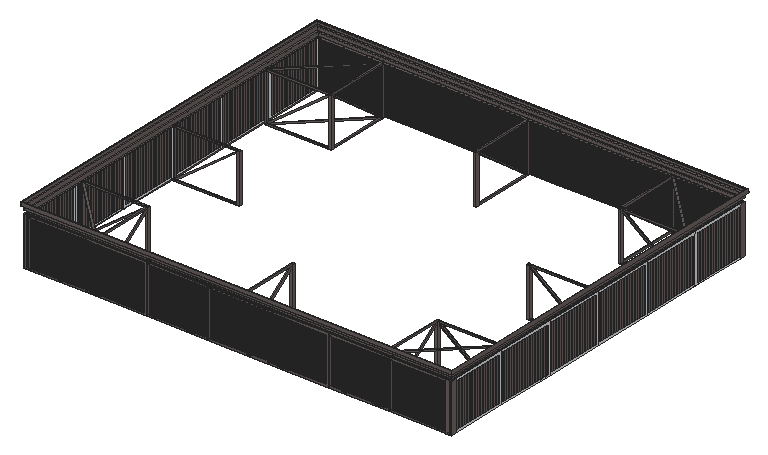
Revit family "Rooftop_Screen-CityScapes-Envisor", category Specialty Equipment, Revit 2021 (continued)
Definition of nested family "Panel"
  Nested families (in)
    nested 60: "LOUVER HORIZONTAL" at (0.625, 0, 17.25) x (-1, 0, 0) z (0, 0, 1), Profile_Height <- "Panel_Length", visible <- "LOUVRE VIZ", type "LOUVER HORIZONTAL"
      with Profile_RibWidth 0' - 0 1/4", Profile_Height 3' - 9", GAUGE 0' - 0 1/32"
    nested 61: "LOUVER HORIZONTAL" at (0.625, 0, 18) x (-1, 0, 0) z (0, 0, 1), Profile_Height <- "Panel_Length", visible <- "LOUVRE VIZ", type "LOUVER HORIZONTAL"
      with Profile_RibWidth 0' - 0 1/4", Profile_Height 3' - 9", GAUGE 0' - 0 1/32"
    nested 62: "LOUVER HORIZONTAL" at (0.625, 0, 18.75) x (-1, 0, 0) z (0, 0, 1), Profile_Height <- "Panel_Length", visible <- "LOUVRE VIZ", type "LOUVER HORIZONTAL"
      with Profile_RibWidth 0' - 0 1/4", Profile_Height 3' - 9", GAUGE 0' - 0 1/32"
    nested 63: "LOUVER HORIZONTAL" at (0.625, 0, 19.5) x (-1, 0, 0) z (0, 0, 1), Profile_Height <- "Panel_Length", visible <- "LOUVRE VIZ", type "LOUVER HORIZONTAL"
      with Profile_RibWidth 0' - 0 1/4", Profile_Height 3' - 9", GAUGE 0' - 0 1/32"
    nested 64: "LOUVER HORIZONTAL" at (0.625, 0, 20.25) x (-1, 0, 0) z (0, 0, 1), Profile_Height <- "Panel_Length", visible <- "LOUVRE VIZ", type "LOUVER HORIZONTAL"
      with Profile_RibWidth 0' - 0 1/4", Profile_Height 3' - 9", GAUGE 0' - 0 1/32"
    nested 65: "LOUVER HORIZONTAL" at (0.625, 0, 21) x (-1, 0, 0) z (0, 0, 1), Profile_Height <- "Panel_Length", visible <- "LOUVRE VIZ", type "LOUVER HORIZONTAL"
      with Profile_RibWidth 0' - 0 1/4", Profile_Height 3' - 9", GAUGE 0' - 0 1/32"
    nested 66: "LOUVER HORIZONTAL" at (0.625, 0, 21.75) x (-1, 0, 0) z (0, 0, 1), Profile_Height <- "Panel_Length", visible <- "LOUVRE VIZ", type "LOUVER HORIZONTAL"
      with Profile_RibWidth 0' - 0 1/4", Profile_Height 3' - 9", GAUGE 0' - 0 1/32"
    nested 67: "LOUVER HORIZONTAL" at (0.625, 0, 22.5) x (-1, 0, 0) z (0, 0, 1), Profile_Height <- "Panel_Length", visible <- "LOUVRE VIZ", type "LOUVER HORIZONTAL"
      with Profile_RibWidth 0' - 0 1/4", Profile_Height 3' - 9", GAUGE 0' - 0 1/32"
    nested 68: "LOUVER HORIZONTAL" at (0.625, 0, 23.25) x (-1, 0, 0) z (0, 0, 1), Profile_Height <- "Panel_Length", visible <- "LOUVRE VIZ", type "LOUVER HORIZONTAL"
      with Profile_RibWidth 0' - 0 1/4", Profile_Height 3' - 9", GAUGE 0' - 0 1/32"
    nested 69: "LOUVER HORIZONTAL" at (0.625, 0, 24) x (-1, 0, 0) z (0, 0, 1), Profile_Height <- "Panel_Length", visible <- "LOUVRE VIZ", type "LOUVER HORIZONTAL"
      with Profile_RibWidth 0' - 0 1/4", Profile_Height 3' - 9", GAUGE 0' - 0 1/32"
    nested 70: "LOUVER HORIZONTAL" at (0.625, 0, 24.75) x (-1, 0, 0) z (0, 0, 1), Profile_Height <- "Panel_Length", visible <- "LOUVRE VIZ", type "LOUVER HORIZONTAL"
      with Profile_RibWidth 0' - 0 1/4", Profile_Height 3' - 9", GAUGE 0' - 0 1/32"
    nested 71: "LOUVER HORIZONTAL" at (0.625, 0, 25.5) x (-1, 0, 0) z (0, 0, 1), Profile_Height <- "Panel_Length", visible <- "LOUVRE VIZ", type "LOUVER HORIZONTAL"
      with Profile_RibWidth 0' - 0 1/4", Profile_Height 3' - 9", GAUGE 0' - 0 1/32"
    nested 72: "LOUVER HORIZONTAL" at (0.625, 0, 26.25) x (-1, 0, 0) z (0, 0, 1), Profile_Height <- "Panel_Length", visible <- "LOUVRE VIZ", type "LOUVER HORIZONTAL"
      with Profile_RibWidth 0' - 0 1/4", Profile_Height 3' - 9", GAUGE 0' - 0 1/32"
    nested 73: "LOUVER HORIZONTAL" at (0.625, 0, 27) x (-1, 0, 0) z (0, 0, 1), Profile_Height <- "Panel_Length", visible <- "LOUVRE VIZ", type "LOUVER HORIZONTAL"
      with Profile_RibWidth 0' - 0 1/4", Profile_Height 3' - 9", GAUGE 0' - 0 1/32"
    nested 74: "LOUVER HORIZONTAL" at (0.625, 0, 27.75) x (-1, 0, 0) z (0, 0, 1), Profile_Height <- "Panel_Length", visible <- "LOUVRE VIZ", type "LOUVER HORIZONTAL"
      with Profile_RibWidth 0' - 0 1/4", Profile_Height 3' - 9", GAUGE 0' - 0 1/32"
    nested 75: "LOUVER HORIZONTAL" at (0.625, 0, 28.5) x (-1, 0, 0) z (0, 0, 1), Profile_Height <- "Panel_Length", visible <- "LOUVRE VIZ", type "LOUVER HORIZONTAL"
      with Profile_RibWidth 0' - 0 1/4", Profile_Height 3' - 9", GAUGE 0' - 0 1/32"
    nested 76: "LOUVER HORIZONTAL" at (0.625, 0, 29.25) x (-1, 0, 0) z (0, 0, 1), Profile_Height <- "Panel_Length", visible <- "LOUVRE VIZ", type "LOUVER HORIZONTAL"
      with Profile_RibWidth 0' - 0 1/4", Profile_Height 3' - 9", GAUGE 0' - 0 1/32"
    nested 77: "LOUVER HORIZONTAL" at (0.625, 0, 30) x (-1, 0, 0) z (0, 0, 1), Profile_Height <- "Panel_Length", visible <- "LOUVRE VIZ", type "LOUVER HORIZONTAL"
      with Profile_RibWidth 0' - 0 1/4", Profile_Height 3' - 9", GAUGE 0' - 0 1/32"
    nested 78: "LOUVER HORIZONTAL" at (0.625, 0, 30.75) x (-1, 0, 0) z (0, 0, 1), Profile_Height <- "Panel_Length", visible <- "LOUVRE VIZ", type "LOUVER HORIZONTAL"
      with Profile_RibWidth 0' - 0 1/4", Profile_Height 3' - 9", GAUGE 0' - 0 1/32"
    nested 79: "LOUVER HORIZONTAL" at (0.625, 0, 31.5) x (-1, 0, 0) z (0, 0, 1), Profile_Height <- "Panel_Length", visible <- "LOUVRE VIZ", type "LOUVER HORIZONTAL"
      with Profile_RibWidth 0' - 0 1/4", Profile_Height 3' - 9", GAUGE 0' - 0 1/32"
    nested 80: "LOUVER HORIZONTAL" at (0.625, 0, 32.25) x (-1, 0, 0) z (0, 0, 1), Profile_Height <- "Panel_Length", visible <- "LOUVRE VIZ", type "LOUVER HORIZONTAL"
      with Profile_RibWidth 0' - 0 1/4", Profile_Height 3' - 9", GAUGE 0' - 0 1/32"
    nested 81: "LOUVER HORIZONTAL" at (0.625, 0, 33) x (-1, 0, 0) z (0, 0, 1), Profile_Height <- "Panel_Length", visible <- "LOUVRE VIZ", type "LOUVER HORIZONTAL"
      with Profile_RibWidth 0' - 0 1/4", Profile_Height 3' - 9", GAUGE 0' - 0 1/32"
    nested 82: "LOUVER HORIZONTAL" at (0.625, 0, 33.75) x (-1, 0, 0) z (0, 0, 1), Profile_Height <- "Panel_Length", visible <- "LOUVRE VIZ", type "LOUVER HORIZONTAL"
      with Profile_RibWidth 0' - 0 1/4", Profile_Height 3' - 9", GAUGE 0' - 0 1/32"
    nested 83: "LOUVER HORIZONTAL" at (0.625, 0, 34.5) x (-1, 0, 0) z (0, 0, 1), Profile_Height <- "Panel_Length", visible <- "LOUVRE VIZ", type "LOUVER HORIZONTAL"
      with Profile_RibWidth 0' - 0 1/4", Profile_Height 3' - 9", GAUGE 0' - 0 1/32"
    nested 84: "LOUVER HORIZONTAL" at (0.625, 0, 35.25) x (-1, 0, 0) z (0, 0, 1), Profile_Height <- "Panel_Length", visible <- "LOUVRE VIZ", type "LOUVER HORIZONTAL"
      with Profile_RibWidth 0' - 0 1/4", Profile_Height 3' - 9", GAUGE 0' - 0 1/32"
    nested 85: "LOUVER HORIZONTAL" at (0.625, 0, 36) x (-1, 0, 0) z (0, 0, 1), Profile_Height <- "Panel_Length", visible <- "LOUVRE VIZ", type "LOUVER HORIZONTAL"
      with Profile_RibWidth 0' - 0 1/4", Profile_Height 3' - 9", GAUGE 0' - 0 1/32"
    nested 86: "LOUVER HORIZONTAL" at (0.625, 0, 36.75) x (-1, 0, 0) z (0, 0, 1), Profile_Height <- "Panel_Length", visible <- "LOUVRE VIZ", type "LOUVER HORIZONTAL"
      with Profile_RibWidth 0' - 0 1/4", Profile_Height 3' - 9", GAUGE 0' - 0 1/32"
    nested 87: "LOUVER HORIZONTAL" at (0.625, 0, 37.5) x (-1, 0, 0) z (0, 0, 1), Profile_Height <- "Panel_Length", visible <- "LOUVRE VIZ", type "LOUVER HORIZONTAL"
      with Profile_RibWidth 0' - 0 1/4", Profile_Height 3' - 9", GAUGE 0' - 0 1/32"
    nested 88: "LOUVER HORIZONTAL" at (0.625, 0, 38.25) x (-1, 0, 0) z (0, 0, 1), Profile_Height <- "Panel_Length", visible <- "LOUVRE VIZ", type "LOUVER HORIZONTAL"
      with Profile_RibWidth 0' - 0 1/4", Profile_Height 3' - 9", GAUGE 0' - 0 1/32"
    nested 89: "RIB HORIZONTAL ABS" at (0.625, 0, 43.5) x (-1, 0, 0) z (0, 0, 1), visible <- "RIBBED VIZ", Profile_Height <- "Panel_Length", type "RIB HORIZONTAL ABS"
      with Profile_RibWidth 0' - 1 1/2", Profile_Height 3' - 9", GAUGE 0' - 0 1/32"
    nested 90: "RIB HORIZONTAL ABS" at (0.625, 0, 4.83333) x (-1, 0, 0) z (0, 0, 1), visible <- "RIBBED VIZ", Profile_Height <- "Panel_Length", type "RIB HORIZONTAL ABS"
      with Profile_RibWidth 0' - 1 1/2", Profile_Height 3' - 9", GAUGE 0' - 0 1/32"
    nested 91: "RIB HORIZONTAL ABS" at (0.625, 0, 9.66667) x (-1, 0, 0) z (0, 0, 1), visible <- "RIBBED VIZ", Profile_Height <- "Panel_Length", type "RIB HORIZONTAL ABS"
      with Profile_RibWidth 0' - 1 1/2", Profile_Height 3' - 9", GAUGE 0' - 0 1/32"
    nested 92: "RIB HORIZONTAL ABS" at (0.625, 0, 14.5) x (-1, 0, 0) z (0, 0, 1), visible <- "RIBBED VIZ", Profile_Height <- "Panel_Length", type "RIB HORIZONTAL ABS"
      with Profile_RibWidth 0' - 1 1/2", Profile_Height 3' - 9", GAUGE 0' - 0 1/32"
    nested 93: "RIB HORIZONTAL ABS" at (0.625, 0, 19.33333) x (-1, 0, 0) z (0, 0, 1), visible <- "RIBBED VIZ", Profile_Height <- "Panel_Length", type "RIB HORIZONTAL ABS"
      with Profile_RibWidth 0' - 1 1/2", Profile_Height 3' - 9", GAUGE 0' - 0 1/32"
    nested 94: "RIB HORIZONTAL ABS" at (0.625, 0, 24.16667) x (-1, 0, 0) z (0, 0, 1), visible <- "RIBBED VIZ", Profile_Height <- "Panel_Length", type "RIB HORIZONTAL ABS"
      with Profile_RibWidth 0' - 1 1/2", Profile_Height 3' - 9", GAUGE 0' - 0 1/32"
    nested 95: "RIB HORIZONTAL ABS" at (0.625, 0, 29) x (-1, 0, 0) z (0, 0, 1), visible <- "RIBBED VIZ", Profile_Height <- "Panel_Length", type "RIB HORIZONTAL ABS"
      with Profile_RibWidth 0' - 1 1/2", Profile_Height 3' - 9", GAUGE 0' - 0 1/32"
    nested 96: "RIB HORIZONTAL ABS" at (0.625, 0, 33.83333) x (-1, 0, 0) z (0, 0, 1), visible <- "RIBBED VIZ", Profile_Height <- "Panel_Length", type "RIB HORIZONTAL ABS"
      with Profile_RibWidth 0' - 1 1/2", Profile_Height 3' - 9", GAUGE 0' - 0 1/32"
    nested 97: "RIB HORIZONTAL ABS" at (0.625, 0, 38.66667) x (-1, 0, 0) z (0, 0, 1), visible <- "RIBBED VIZ", Profile_Height <- "Panel_Length", type "RIB HORIZONTAL ABS"
      with Profile_RibWidth 0' - 1 1/2", Profile_Height 3' - 9", GAUGE 0' - 0 1/32"
    nested 98: "7.2 RIBBED_HORT" at (0.625, 0, 42.25) x (-1, 0, 0) z (0, 0, 1), Profile_Height <- "Panel_Length", visible <- "7.2 RIBBED VIZ", type "7.2 RIBBED_HORT"
      with Profile_RibWidth 0' - 1 1/2", Profile_Height 3' - 9", GAUGE 0' - 0 1/32"
    nested 99: "7.2 RIBBED_HORT" at (0.625, 0, 5.80556) x (-1, 0, 0) z (0, 0, 1), Profile_Height <- "Panel_Length", visible <- "7.2 RIBBED VIZ", type "7.2 RIBBED_HORT"
      with Profile_RibWidth 0' - 1 1/2", Profile_Height 3' - 9", GAUGE 0' - 0 1/32"
    nested 100: "7.2 RIBBED_HORT" at (0.625, 0, 10.36111) x (-1, 0, 0) z (0, 0, 1), Profile_Height <- "Panel_Length", visible <- "7.2 RIBBED VIZ", type "7.2 RIBBED_HORT"
      with Profile_RibWidth 0' - 1 1/2", Profile_Height 3' - 9", GAUGE 0' - 0 1/32"
    nested 101: "7.2 RIBBED_HORT" at (0.625, 0, 14.91667) x (-1, 0, 0) z (0, 0, 1), Profile_Height <- "Panel_Length", visible <- "7.2 RIBBED VIZ", type "7.2 RIBBED_HORT"
      with Profile_RibWidth 0' - 1 1/2", Profile_Height 3' - 9", GAUGE 0' - 0 1/32"
    nested 102: "7.2 RIBBED_HORT" at (0.625, 0, 19.47222) x (-1, 0, 0) z (0, 0, 1), Profile_Height <- "Panel_Length", visible <- "7.2 RIBBED VIZ", type "7.2 RIBBED_HORT"
      with Profile_RibWidth 0' - 1 1/2", Profile_Height 3' - 9", GAUGE 0' - 0 1/32"
    nested 103: "7.2 RIBBED_HORT" at (0.625, 0, 24.02778) x (-1, 0, 0) z (0, 0, 1), Profile_Height <- "Panel_Length", visible <- "7.2 RIBBED VIZ", type "7.2 RIBBED_HORT"
      with Profile_RibWidth 0' - 1 1/2", Profile_Height 3' - 9", GAUGE 0' - 0 1/32"
    nested 104: "7.2 RIBBED_HORT" at (0.625, 0, 28.58333) x (-1, 0, 0) z (0, 0, 1), Profile_Height <- "Panel_Length", visible <- "7.2 RIBBED VIZ", type "7.2 RIBBED_HORT"
      with Profile_RibWidth 0' - 1 1/2", Profile_Height 3' - 9", GAUGE 0' - 0 1/32"
    nested 105: "7.2 RIBBED_HORT" at (0.625, 0, 33.13889) x (-1, 0, 0) z (0, 0, 1), Profile_Height <- "Panel_Length", visible <- "7.2 RIBBED VIZ", type "7.2 RIBBED_HORT"
      with Profile_RibWidth 0' - 1 1/2", Profile_Height 3' - 9", GAUGE 0' - 0 1/32"
    nested 106: "7.2 RIBBED_HORT" at (0.625, 0, 37.69444) x (-1, 0, 0) z (0, 0, 1), Profile_Height <- "Panel_Length", visible <- "7.2 RIBBED VIZ", type "7.2 RIBBED_HORT"
      with Profile_RibWidth 0' - 1 1/2", Profile_Height 3' - 9", GAUGE 0' - 0 1/32"
    nested 107: "COR HORIZONTAL" at (0.625, 0, 37.70524) x (-1, 0, 0) z (0, 0, 1), Profile_Height <- "Panel_Length", visible <- "7.2 CORRUGATED", type "COR HORIZONTAL"
      with Profile_Height 3' - 9"
    nested 108: "COR HORIZONTAL" at (0.625, 0, 40.21892) x (-1, 0, 0) z (0, 0, 1), Profile_Height <- "Panel_Length", visible <- "7.2 CORRUGATED", type "COR HORIZONTAL"
      with Profile_Height 3' - 9"
    nested 109: "COR HORIZONTAL" at (0.625, 0, 42.73261) x (-1, 0, 0) z (0, 0, 1), Profile_Height <- "Panel_Length", visible <- "7.2 CORRUGATED", type "COR HORIZONTAL"
      with Profile_Height 3' - 9"
    nested 110: "4.0 CORRUGATED" at (0.625, 0, 35.25) x (-1, 0, 0) z (0, 0, 1), visible <- "4.0 CORR HORT", Profile_Height <- "Panel_Length", type "4.0 CORRUGATED"
      with Profile_Height 3' - 9", GAUGE 0' - 0 1/32"
    nested 111: "4.0 CORRUGATED" at (0.625, 0, 37.375) x (-1, 0, 0) z (0, 0, 1), visible <- "4.0 CORR HORT", Profile_Height <- "Panel_Length", type "4.0 CORRUGATED"
      with Profile_Height 3' - 9", GAUGE 0' - 0 1/32"
    nested 112: "4.0 CORRUGATED" at (0.625, 0, 39.5) x (-1, 0, 0) z (0, 0, 1), visible <- "4.0 CORR HORT", Profile_Height <- "Panel_Length", type "4.0 CORRUGATED"
      with Profile_Height 3' - 9", GAUGE 0' - 0 1/32"
    nested 113: "4.0 CORRUGATED" at (0.625, 0, 41.625) x (-1, 0, 0) z (0, 0, 1), visible <- "4.0 CORR HORT", Profile_Height <- "Panel_Length", type "4.0 CORRUGATED"
      with Profile_Height 3' - 9", GAUGE 0' - 0 1/32"
    nested 114: "LOUVER HORIZONTAL" at (0.625, 0, 39) x (-1, 0, 0) z (0, 0, 1), Profile_Height <- "Panel_Length", visible <- "LOUVRE VIZ", type "LOUVER HORIZONTAL"
      with Profile_RibWidth 0' - 0 1/4", Profile_Height 3' - 9", GAUGE 0' - 0 1/32"
    nested 115: "LOUVER HORIZONTAL" at (0.625, 0, 39.75) x (-1, 0, 0) z (0, 0, 1), Profile_Height <- "Panel_Length", visible <- "LOUVRE VIZ", type "LOUVER HORIZONTAL"
      with Profile_RibWidth 0' - 0 1/4", Profile_Height 3' - 9", GAUGE 0' - 0 1/32"
    nested 116: "LOUVER HORIZONTAL" at (0.625, 0, 40.5) x (-1, 0, 0) z (0, 0, 1), Profile_Height <- "Panel_Length", visible <- "LOUVRE VIZ", type "LOUVER HORIZONTAL"
      with Profile_RibWidth 0' - 0 1/4", Profile_Height 3' - 9", GAUGE 0' - 0 1/32"
    nested 117: "LOUVER HORIZONTAL" at (0.625, 0, 41.25) x (-1, 0, 0) z (0, 0, 1), Profile_Height <- "Panel_Length", visible <- "LOUVRE VIZ", type "LOUVER HORIZONTAL"
      with Profile_RibWidth 0' - 0 1/4", Profile_Height 3' - 9", GAUGE 0' - 0 1/32"
    nested 118: "LOUVER HORIZONTAL" at (0.625, 0, 42) x (-1, 0, 0) z (0, 0, 1), Profile_Height <- "Panel_Length", visible <- "LOUVRE VIZ", type "LOUVER HORIZONTAL"
      with Profile_RibWidth 0' - 0 1/4", Profile_Height 3' - 9", GAUGE 0' - 0 1/32"
    nested 119: "LOUVER HORIZONTAL" at (0.625, 0, 42.75) x (-1, 0, 0) z (0, 0, 1), Profile_Height <- "Panel_Length", visible <- "LOUVRE VIZ", type "LOUVER HORIZONTAL"
      with Profile_RibWidth 0' - 0 1/4", Profile_Height 3' - 9", GAUGE 0' - 0 1/32"
    nested 120: "LOUVER HORIZONTAL" at (0.625, 0, 43.5) x (-1, 0, 0) z (0, 0, 1), Profile_Height <- "Panel_Length", visible <- "LOUVRE VIZ", type "LOUVER HORIZONTAL"
      with Profile_RibWidth 0' - 0 1/4", Profile_Height 3' - 9", GAUGE 0' - 0 1/32"
    nested 121: "LOUVER HORIZONTAL" at (0.625, 0, 44.25) x (-1, 0, 0) z (0, 0, 1), Profile_Height <- "Panel_Length", visible <- "LOUVRE VIZ", type "LOUVER HORIZONTAL"
      with Profile_RibWidth 0' - 0 1/4", Profile_Height 3' - 9", GAUGE 0' - 0 1/32"
    nested 122: "LOUVER HORIZONTAL" at (0.625, 0, 45) x (-1, 0, 0) z (0, 0, 1), Profile_Height <- "Panel_Length", visible <- "LOUVRE VIZ", type "LOUVER HORIZONTAL"
      with Profile_RibWidth 0' - 0 1/4", Profile_Height 3' - 9", GAUGE 0' - 0 1/32"
    nested 123: "LOUVER HORIZONTAL" at (0.625, 0, 45.75) x (-1, 0, 0) z (0, 0, 1), Profile_Height <- "Panel_Length", visible <- "LOUVRE VIZ", type "LOUVER HORIZONTAL"
      with Profile_RibWidth 0' - 0 1/4", Profile_Height 3' - 9", GAUGE 0' - 0 1/32"
    nested 124: "LOUVER HORIZONTAL" at (0.625, 0, 46.5) x (-1, 0, 0) z (0, 0, 1), Profile_Height <- "Panel_Length", visible <- "LOUVRE VIZ", type "LOUVER HORIZONTAL"
      with Profile_RibWidth 0' - 0 1/4", Profile_Height 3' - 9", GAUGE 0' - 0 1/32"
    nested 125: "RIBBED_VERTICAL" at (0.125, -22.5, 0) x (-1, 0, 0) z (0, 0, 1), Profile_Height <- "Panel_Height", visible <- "RIBBED VERT VIZ", type "RIB_VERTICAL"
      with Profile_Height 4' - 0"
    nested 126: "RIBBED_VERTICAL" at (0.125, 20.5, 0) x (-1, 0, 0) z (0, 0, 1), Profile_Height <- "Panel_Height", visible <- "RIBBED VERT VIZ", type "RIB_VERTICAL"
      with Profile_Height 4' - 0"
    nested 127: "RIBBED_VERTICAL" at (0.125, -20.45238, 0) x (-1, 0, 0) z (0, 0, 1), Profile_Height <- "Panel_Height", visible <- "RIBBED VERT VIZ", type "RIB_VERTICAL"
      with Profile_Height 4' - 0"
    nested 128: "RIBBED_VERTICAL" at (0.125, -18.40476, 0) x (-1, 0, 0) z (0, 0, 1), Profile_Height <- "Panel_Height", visible <- "RIBBED VERT VIZ", type "RIB_VERTICAL"
      with Profile_Height 4' - 0"
    nested 129: "RIBBED_VERTICAL" at (0.125, -16.35714, 0) x (-1, 0, 0) z (0, 0, 1), Profile_Height <- "Panel_Height", visible <- "RIBBED VERT VIZ", type "RIB_VERTICAL"
      with Profile_Height 4' - 0"
    nested 130: "RIBBED_VERTICAL" at (0.125, -14.30952, 0) x (-1, 0, 0) z (0, 0, 1), Profile_Height <- "Panel_Height", visible <- "RIBBED VERT VIZ", type "RIB_VERTICAL"
      with Profile_Height 4' - 0"
    nested 131: "RIBBED_VERTICAL" at (0.125, -12.2619, 0) x (-1, 0, 0) z (0, 0, 1), Profile_Height <- "Panel_Height", visible <- "RIBBED VERT VIZ", type "RIB_VERTICAL"
      with Profile_Height 4' - 0"
    nested 132: "RIBBED_VERTICAL" at (0.125, -10.21429, 0) x (-1, 0, 0) z (0, 0, 1), Profile_Height <- "Panel_Height", visible <- "RIBBED VERT VIZ", type "RIB_VERTICAL"
      with Profile_Height 4' - 0"
    nested 133: "RIBBED_VERTICAL" at (0.125, -8.16667, 0) x (-1, 0, 0) z (0, 0, 1), Profile_Height <- "Panel_Height", visible <- "RIBBED VERT VIZ", type "RIB_VERTICAL"
      with Profile_Height 4' - 0"
    nested 134: "RIBBED_VERTICAL" at (0.125, -6.11905, 0) x (-1, 0, 0) z (0, 0, 1), Profile_Height <- "Panel_Height", visible <- "RIBBED VERT VIZ", type "RIB_VERTICAL"
      with Profile_Height 4' - 0"
    nested 135: "RIBBED_VERTICAL" at (0.125, -4.07143, 0) x (-1, 0, 0) z (0, 0, 1), Profile_Height <- "Panel_Height", visible <- "RIBBED VERT VIZ", type "RIB_VERTICAL"
      with Profile_Height 4' - 0"
    nested 136: "RIBBED_VERTICAL" at (0.125, -2.02381, 0) x (-1, 0, 0) z (0, 0, 1), Profile_Height <- "Panel_Height", visible <- "RIBBED VERT VIZ", type "RIB_VERTICAL"
      with Profile_Height 4' - 0"
    nested 137: "RIBBED_VERTICAL" at (0.125, 0.02381, 0) x (-1, 0, 0) z (0, 0, 1), Profile_Height <- "Panel_Height", visible <- "RIBBED VERT VIZ", type "RIB_VERTICAL"
      with Profile_Height 4' - 0"
    nested 138: "RIBBED_VERTICAL" at (0.125, 2.07143, 0) x (-1, 0, 0) z (0, 0, 1), Profile_Height <- "Panel_Height", visible <- "RIBBED VERT VIZ", type "RIB_VERTICAL"
      with Profile_Height 4' - 0"
    nested 139: "RIBBED_VERTICAL" at (0.125, 4.11905, 0) x (-1, 0, 0) z (0, 0, 1), Profile_Height <- "Panel_Height", visible <- "RIBBED VERT VIZ", type "RIB_VERTICAL"
      with Profile_Height 4' - 0"
    nested 140: "RIBBED_VERTICAL" at (0.125, 6.16667, 0) x (-1, 0, 0) z (0, 0, 1), Profile_Height <- "Panel_Height", visible <- "RIBBED VERT VIZ", type "RIB_VERTICAL"
      with Profile_Height 4' - 0"
    nested 141: "RIBBED_VERTICAL" at (0.125, 8.21429, 0) x (-1, 0, 0) z (0, 0, 1), Profile_Height <- "Panel_Height", visible <- "RIBBED VERT VIZ", type "RIB_VERTICAL"
      with Profile_Height 4' - 0"
    nested 142: "RIBBED_VERTICAL" at (0.125, 10.2619, 0) x (-1, 0, 0) z (0, 0, 1), Profile_Height <- "Panel_Height", visible <- "RIBBED VERT VIZ", type "RIB_VERTICAL"
      with Profile_Height 4' - 0"
    nested 143: "RIBBED_VERTICAL" at (0.125, 12.30952, 0) x (-1, 0, 0) z (0, 0, 1), Profile_Height <- "Panel_Height", visible <- "RIBBED VERT VIZ", type "RIB_VERTICAL"
      with Profile_Height 4' - 0"
    nested 144: "RIBBED_VERTICAL" at (0.125, 14.35714, 0) x (-1, 0, 0) z (0, 0, 1), Profile_Height <- "Panel_Height", visible <- "RIBBED VERT VIZ", type "RIB_VERTICAL"
      with Profile_Height 4' - 0"
    nested 145: "RIBBED_VERTICAL" at (0.125, 16.40476, 0) x (-1, 0, 0) z (0, 0, 1), Profile_Height <- "Panel_Height", visible <- "RIBBED VERT VIZ", type "RIB_VERTICAL"
      with Profile_Height 4' - 0"
    nested 146: "RIBBED_VERTICAL" at (0.125, 18.45238, 0) x (-1, 0, 0) z (0, 0, 1), Profile_Height <- "Panel_Height", visible <- "RIBBED VERT VIZ", type "RIB_VERTICAL"
      with Profile_Height 4' - 0"
    nested 147: "BATTEN VERTICAL" at (0.125, -22.5, 0) x (-1, 0, 0) z (0, 0, 1), visible <- "BATTEN VIZ", Profile_Height <- "Panel_Height", type "BATTEN VERTICAL"
      with Profile_Height 4' - 0"
    nested 148: "BATTEN VERTICAL" at (0.125, 14.5, 0) x (-1, 0, 0) z (0, 0, 1), visible <- "BATTEN VIZ", Profile_Height <- "Panel_Height", type "BATTEN VERTICAL"
      with Profile_Height 4' - 0"
    nested 149: "BATTEN VERTICAL" at (0.125, -15.1, 0) x (-1, 0, 0) z (0, 0, 1), visible <- "BATTEN VIZ", Profile_Height <- "Panel_Height", type "BATTEN VERTICAL"
      with Profile_Height 4' - 0"
    nested 150: "BATTEN VERTICAL" at (0.125, -7.7, 0) x (-1, 0, 0) z (0, 0, 1), visible <- "BATTEN VIZ", Profile_Height <- "Panel_Height", type "BATTEN VERTICAL"
      with Profile_Height 4' - 0"
    nested 151: "BATTEN VERTICAL" at (0.125, -0.3, 0) x (-1, 0, 0) z (0, 0, 1), visible <- "BATTEN VIZ", Profile_Height <- "Panel_Height", type "BATTEN VERTICAL"
      with Profile_Height 4' - 0"
    nested 152: "BATTEN VERTICAL" at (0.125, 7.1, 0) x (-1, 0, 0) z (0, 0, 1), visible <- "BATTEN VIZ", Profile_Height <- "Panel_Height", type "BATTEN VERTICAL"
      with Profile_Height 4' - 0"
    nested 153: "COR VERTICAL" at (0.625, -17.25, 0) x (-1, 0, 0) z (0, 0, 1), visible <- "7.2 CORR VERT", Profile_Height <- "Panel_Height", type "CORREGATED_VERTICAL"
      with Profile_Height 4' - 0"
    nested 154: "COR VERTICAL" at (0.625, 21.25, 0) x (-1, 0, 0) z (0, 0, 1), visible <- "7.2 CORR VERT", Profile_Height <- "Panel_Height", type "CORREGATED_VERTICAL"
      with Profile_Height 4' - 0"
    nested 155: "COR VERTICAL" at (0.625, -13.4, 0) x (-1, 0, 0) z (0, 0, 1), visible <- "7.2 CORR VERT", Profile_Height <- "Panel_Height", type "CORREGATED_VERTICAL"
      with Profile_Height 4' - 0"
    nested 156: "COR VERTICAL" at (0.625, -9.55, 0) x (-1, 0, 0) z (0, 0, 1), visible <- "7.2 CORR VERT", Profile_Height <- "Panel_Height", type "CORREGATED_VERTICAL"
      with Profile_Height 4' - 0"
    nested 157: "COR VERTICAL" at (0.625, -5.7, 0) x (-1, 0, 0) z (0, 0, 1), visible <- "7.2 CORR VERT", Profile_Height <- "Panel_Height", type "CORREGATED_VERTICAL"
      with Profile_Height 4' - 0"
    nested 158: "COR VERTICAL" at (0.625, -1.85, 0) x (-1, 0, 0) z (0, 0, 1), visible <- "7.2 CORR VERT", Profile_Height <- "Panel_Height", type "CORREGATED_VERTICAL"
      with Profile_Height 4' - 0"
    nested 159: "COR VERTICAL" at (0.625, 2, 0) x (-1, 0, 0) z (0, 0, 1), visible <- "7.2 CORR VERT", Profile_Height <- "Panel_Height", type "CORREGATED_VERTICAL"
      with Profile_Height 4' - 0"
    nested 160: "COR VERTICAL" at (0.625, 5.85, 0) x (-1, 0, 0) z (0, 0, 1), visible <- "7.2 CORR VERT", Profile_Height <- "Panel_Height", type "CORREGATED_VERTICAL"
      with Profile_Height 4' - 0"
    nested 161: "COR VERTICAL" at (0.625, 9.7, 0) x (-1, 0, 0) z (0, 0, 1), visible <- "7.2 CORR VERT", Profile_Height <- "Panel_Height", type "CORREGATED_VERTICAL"
      with Profile_Height 4' - 0"
    nested 162: "COR VERTICAL" at (0.625, 13.55, 0) x (-1, 0, 0) z (0, 0, 1), visible <- "7.2 CORR VERT", Profile_Height <- "Panel_Height", type "CORREGATED_VERTICAL"
      with Profile_Height 4' - 0"
    nested 163: "COR VERTICAL" at (0.625, 17.4, 0) x (-1, 0, 0) z (0, 0, 1), visible <- "7.2 CORR VERT", Profile_Height <- "Panel_Height", type "CORREGATED_VERTICAL"
      with Profile_Height 4' - 0"
    nested 164: "4.0 RIBBED_VERTICAL" at (0.125, -20.99753, 0) x (-1, 0, 0) z (0, 0, 1), Profile_Height <- "Panel_Height", visible <- "4.0 CORR VERT", type "RIB_VERTICAL"
      with Profile_Height 4' - 0"
    nested 165: "4.0 RIBBED_VERTICAL" at (0.125, 22.5, 0) x (-1, 0, 0) z (0, 0, 1), Profile_Height <- "Panel_Height", visible <- "4.0 CORR VERT", type "RIB_VERTICAL"
      with Profile_Height 4' - 0"
    nested 166: "4.0 RIBBED_VERTICAL" at (0.125, -19.49761, 0) x (-1, 0, 0) z (0, 0, 1), Profile_Height <- "Panel_Height", visible <- "4.0 CORR VERT", type "RIB_VERTICAL"
      with Profile_Height 4' - 0"
    nested 167: "4.0 RIBBED_VERTICAL" at (0.125, -17.9977, 0) x (-1, 0, 0) z (0, 0, 1), Profile_Height <- "Panel_Height", visible <- "4.0 CORR VERT", type "RIB_VERTICAL"
      with Profile_Height 4' - 0"
    nested 168: "4.0 RIBBED_VERTICAL" at (0.125, -16.49778, 0) x (-1, 0, 0) z (0, 0, 1), Profile_Height <- "Panel_Height", visible <- "4.0 CORR VERT", type "RIB_VERTICAL"
      with Profile_Height 4' - 0"
    nested 169: "4.0 RIBBED_VERTICAL" at (0.125, -14.99787, 0) x (-1, 0, 0) z (0, 0, 1), Profile_Height <- "Panel_Height", visible <- "4.0 CORR VERT", type "RIB_VERTICAL"
      with Profile_Height 4' - 0"
    nested 170: "4.0 RIBBED_VERTICAL" at (0.125, -13.49795, 0) x (-1, 0, 0) z (0, 0, 1), Profile_Height <- "Panel_Height", visible <- "4.0 CORR VERT", type "RIB_VERTICAL"
      with Profile_Height 4' - 0"
    nested 171: "4.0 RIBBED_VERTICAL" at (0.125, -11.99804, 0) x (-1, 0, 0) z (0, 0, 1), Profile_Height <- "Panel_Height", visible <- "4.0 CORR VERT", type "RIB_VERTICAL"
      with Profile_Height 4' - 0"
    nested 172: "4.0 RIBBED_VERTICAL" at (0.125, -10.49812, 0) x (-1, 0, 0) z (0, 0, 1), Profile_Height <- "Panel_Height", visible <- "4.0 CORR VERT", type "RIB_VERTICAL"
      with Profile_Height 4' - 0"
    nested 173: "4.0 RIBBED_VERTICAL" at (0.125, -8.99821, 0) x (-1, 0, 0) z (0, 0, 1), Profile_Height <- "Panel_Height", visible <- "4.0 CORR VERT", type "RIB_VERTICAL"
      with Profile_Height 4' - 0"
    nested 174: "4.0 RIBBED_VERTICAL" at (0.125, -7.49829, 0) x (-1, 0, 0) z (0, 0, 1), Profile_Height <- "Panel_Height", visible <- "4.0 CORR VERT", type "RIB_VERTICAL"
      with Profile_Height 4' - 0"
    nested 175: "4.0 RIBBED_VERTICAL" at (0.125, -5.99838, 0) x (-1, 0, 0) z (0, 0, 1), Profile_Height <- "Panel_Height", visible <- "4.0 CORR VERT", type "RIB_VERTICAL"
      with Profile_Height 4' - 0"
    nested 176: "4.0 RIBBED_VERTICAL" at (0.125, -4.49846, 0) x (-1, 0, 0) z (0, 0, 1), Profile_Height <- "Panel_Height", visible <- "4.0 CORR VERT", type "RIB_VERTICAL"
      with Profile_Height 4' - 0"
    nested 177: "4.0 RIBBED_VERTICAL" at (0.125, -2.99855, 0) x (-1, 0, 0) z (0, 0, 1), Profile_Height <- "Panel_Height", visible <- "4.0 CORR VERT", type "RIB_VERTICAL"
      with Profile_Height 4' - 0"
    nested 178: "4.0 RIBBED_VERTICAL" at (0.125, -1.49864, 0) x (-1, 0, 0) z (0, 0, 1), Profile_Height <- "Panel_Height", visible <- "4.0 CORR VERT", type "RIB_VERTICAL"
      with Profile_Height 4' - 0"
    nested 179: "4.0 RIBBED_VERTICAL" at (0.125, 0.00128, 0) x (-1, 0, 0) z (0, 0, 1), Profile_Height <- "Panel_Height", visible <- "4.0 CORR VERT", type "RIB_VERTICAL"
      with Profile_Height 4' - 0"
    nested 180: "4.0 RIBBED_VERTICAL" at (0.125, 1.50119, 0) x (-1, 0, 0) z (0, 0, 1), Profile_Height <- "Panel_Height", visible <- "4.0 CORR VERT", type "RIB_VERTICAL"
      with Profile_Height 4' - 0"
    nested 181: "4.0 RIBBED_VERTICAL" at (0.125, 3.00111, 0) x (-1, 0, 0) z (0, 0, 1), Profile_Height <- "Panel_Height", visible <- "4.0 CORR VERT", type "RIB_VERTICAL"
      with Profile_Height 4' - 0"
    nested 182: "4.0 RIBBED_VERTICAL" at (0.125, 4.50102, 0) x (-1, 0, 0) z (0, 0, 1), Profile_Height <- "Panel_Height", visible <- "4.0 CORR VERT", type "RIB_VERTICAL"
      with Profile_Height 4' - 0"
    nested 183: "4.0 RIBBED_VERTICAL" at (0.125, 6.00094, 0) x (-1, 0, 0) z (0, 0, 1), Profile_Height <- "Panel_Height", visible <- "4.0 CORR VERT", type "RIB_VERTICAL"
      with Profile_Height 4' - 0"
    nested 184: "4.0 RIBBED_VERTICAL" at (0.125, 7.50085, 0) x (-1, 0, 0) z (0, 0, 1), Profile_Height <- "Panel_Height", visible <- "4.0 CORR VERT", type "RIB_VERTICAL"
      with Profile_Height 4' - 0"
    nested 185: "4.0 RIBBED_VERTICAL" at (0.125, 9.00077, 0) x (-1, 0, 0) z (0, 0, 1), Profile_Height <- "Panel_Height", visible <- "4.0 CORR VERT", type "RIB_VERTICAL"
      with Profile_Height 4' - 0"
    nested 186: "4.0 RIBBED_VERTICAL" at (0.125, 10.50068, 0) x (-1, 0, 0) z (0, 0, 1), Profile_Height <- "Panel_Height", visible <- "4.0 CORR VERT", type "RIB_VERTICAL"
      with Profile_Height 4' - 0"
    nested 187: "4.0 RIBBED_VERTICAL" at (0.125, 12.0006, 0) x (-1, 0, 0) z (0, 0, 1), Profile_Height <- "Panel_Height", visible <- "4.0 CORR VERT", type "RIB_VERTICAL"
      with Profile_Height 4' - 0"
    nested 188: "4.0 RIBBED_VERTICAL" at (0.125, 13.50051, 0) x (-1, 0, 0) z (0, 0, 1), Profile_Height <- "Panel_Height", visible <- "4.0 CORR VERT", type "RIB_VERTICAL"
      with Profile_Height 4' - 0"
    nested 189: "4.0 RIBBED_VERTICAL" at (0.125, 15.00043, 0) x (-1, 0, 0) z (0, 0, 1), Profile_Height <- "Panel_Height", visible <- "4.0 CORR VERT", type "RIB_VERTICAL"
      with Profile_Height 4' - 0"
    nested 190: "4.0 RIBBED_VERTICAL" at (0.125, 16.50034, 0) x (-1, 0, 0) z (0, 0, 1), Profile_Height <- "Panel_Height", visible <- "4.0 CORR VERT", type "RIB_VERTICAL"
      with Profile_Height 4' - 0"
    nested 191: "4.0 RIBBED_VERTICAL" at (0.125, 18.00026, 0) x (-1, 0, 0) z (0, 0, 1), Profile_Height <- "Panel_Height", visible <- "4.0 CORR VERT", type "RIB_VERTICAL"
      with Profile_Height 4' - 0"
    nested 192: "4.0 RIBBED_VERTICAL" at (0.125, 19.50017, 0) x (-1, 0, 0) z (0, 0, 1), Profile_Height <- "Panel_Height", visible <- "4.0 CORR VERT", type "RIB_VERTICAL"
      with Profile_Height 4' - 0"
    nested 193: "4.0 RIBBED_VERTICAL" at (0.125, 21.00009, 0) x (-1, 0, 0) z (0, 0, 1), Profile_Height <- "Panel_Height", visible <- "4.0 CORR VERT", type "RIB_VERTICAL"
      with Profile_Height 4' - 0"
  Definition of nested family "COR HORIZONTAL"
    Parameters (values of type "COR HORIZONTAL")
      Width = 3' - 7"
      Profile_Width = 0' - 0 1/2"
      Profile_Length = 0' - 2.50371"
      Profile_Height [instance] = 3' - 7"
      MATERIAL = none
      Height = 0' - 2"
      GAUGE = 0' - 0 1/16"
      FinMaterial = none
      Default Elevation = 0' - 0"
    Reference planes (in)
      plane 1 "Center (Front/Back)": y = 0
      plane 2: z = 0
      plane 3 "Center (Left/Right)": x = 0
      plane 4: z = 1
      plane 5: z = 2
      plane 6: z = 0.50371
      plane 7: z = 1.50371
      plane 8: x = 0.5
      plane 9: x = -0.5
      plane 10: x = 0.25
      plane 11: x = -0.25
      plane 12: z = 0.25371
      plane 13: z = 0.75742
      plane 14: z = 1.25371
      plane 15: z = 1.75742
      plane 16: y = 21.5
      plane 17: y = -21.5
      plane 18: z = 2.50371
      plane 19: z = 2.25371
      plane 20: z = 2.75371
    Forms (in)
      Extrusion 1, solid, material <- "MATERIAL"
        sketch origin (-0.4375, 0, -45.25371) x (1, 0, 0) y (0, 0, 1)
          loop
            line (0.9375, 48.00742) -> (0.875, 48.00742) -> (0.875, 47.50742) -> (0.4375, 47.01113) -> (0.4375, 46.25371) -> (0.875, 45.75742) -> (0.875, 45.25371) -> (0.9375, 45.25371) -> (0.9375, 45.75742) -> (0.5, 46.25371) -> (0.5, 47.01113) -> (0.9375, 47.50742) -> (0.9375, 48.00742)
        from -21.5 to 21.5
    Dimensions and locks (in)
      plane 4 to plane 2 = 0' - 1"
      plane 6 to plane 2 = 0' - 0.50371"
      plane 5 to plane 4 to plane 2 = 0' - 1", 0' - 1"
      plane 14 to plane 13 = 0' - 0.49629"
      equal spacing: plane 16, plane 1 "Center (Front/Back)", plane 17
      plane 20 to plane 2 = 0' - 2.75371"
      "Profile_Width": plane 8 to plane 3 "Center (Left/Right)"
      "GAUGE": Extrusion 1 sketch curve to Extrusion 1 sketch curve  (x3)
      Extrusion 1 sketch curve to Extrusion 1 sketch curve = 0' - 0 3/64"
      "Profile_Height": plane 16 to plane 17
      aligned and locked: plane 2 to level
      aligned and locked: plane 17 to Extrusion 1
      aligned and locked: Extrusion 1 to plane 16
      aligned and locked: Extrusion 1 sketch curve to plane 8  (x2)
      aligned and locked: plane 19 to Extrusion 1 sketch curve  (x2)
      aligned and locked: plane 15 to Extrusion 1 sketch curve  (x2)
      aligned and locked: plane 4 to Extrusion 1 sketch curve  (x2)
      aligned and locked: plane 6 to Extrusion 1 sketch curve  (x2)
      aligned and locked: plane 2 to Extrusion 1 sketch curve
      aligned and locked: Extrusion 1 sketch curve to plane 20
  Definition of nested family "7.2 RIBBED_HORT"
    Parameters (values of type "7.2 RIBBED_HORT")
      Width = 4' - 10"
      Profile_Width = 0' - 0 1/2"
      Profile_RibWidth [instance] = 0' - 0 1/4"
      Profile_Length = 0' - 1.50371"
      Profile_Height [instance] = 4' - 10"
      MATERIAL = none
      Height = 3' - 10"
      GAUGE [instance] = 0' - 0 1/32"
      FinMaterial = none
      Default Elevation = 0' - 0"
    Reference planes (in)
      plane 1 "Center (Front/Back)": y = 0
      plane 2: z = 0
      plane 3 "Center (Left/Right)": x = 0
      plane 4: z = 0.5
      plane 5: z = 0.25
      plane 6: z = 0.75
      plane 7: x = 0.5
      plane 8: x = 0.25
      plane 9: x = -0.25
      plane 10: z = 0.75
      plane 11: z = 1.25371
      plane 12: z = 1.75742
      plane 13: y = 29
      plane 14: y = -29
      plane 15: z = 2.00371
    Forms (in)
      Extrusion 1, solid, material <- "MATERIAL"
        sketch origin (-0.4375, 0, -44.75) x (1, 0, 0) y (0, 0, 1)
          loop
            line (0.9375, 45.5) -> (0.90625, 45.5) -> (0.90625, 45.25) -> (0.4375, 45.25) -> (0.4375, 45) -> (0.90625, 45) -> (0.90625, 44.75) -> (0.9375, 44.75) -> (0.9375, 45.03125) -> (0.46875, 45.03125) -> (0.46875, 45.21875) -> (0.9375, 45.21875) -> (0.9375, 45.5)
        from -29 to 29
    Dimensions and locks (in)
      plane 4 to plane 2 = 0' - 0 1/2"
      plane 5 to plane 2 = 0' - 0 1/4"
      equal spacing: plane 13, plane 1 "Center (Front/Back)", plane 14
      "Profile_Height": plane 13 to plane 14
      "Profile_Width": plane 7 to plane 3 "Center (Left/Right)"
      "Profile_RibWidth": plane 4 to plane 5
      equal spacing: plane 6, plane 4, plane 5, plane 2
      equal spacing: plane 7, plane 8, plane 3 "Center (Left/Right)"
      "GAUGE": Extrusion 1 sketch curve to Extrusion 1 sketch curve  (x5)
      aligned and locked: plane 2 to level
      aligned and locked: plane 14 to Extrusion 1
      aligned and locked: Extrusion 1 to plane 13
      aligned and locked: Extrusion 1 sketch curve to plane 3 "Center (Left/Right)"
      aligned and locked: Extrusion 1 sketch curve to plane 7  (x2)
      aligned and locked: Extrusion 1 sketch curve to plane 5
      aligned and locked: plane 4 to Extrusion 1 sketch curve
      aligned and locked: Extrusion 1 sketch curve to plane 6
    Automatic sketch dimensions
      Extrusion 1 sketch curve to level = 0' - 0"
  Definition of nested family "RIB HORIZONTAL ABS"
    Parameters (values of type "RIB HORIZONTAL ABS")
      Width = 4' - 10"
      Profile_Width = 0' - 0 1/2"
      Profile_RibWidth [instance] = 0' - 1 1/2"
      Profile_Length = 0' - 1.50371"
      Profile_Height [instance] = 4' - 10"
      MATERIAL = none
      Height = 3' - 10"
      GAUGE [instance] = 0' - 0 1/32"
      FinMaterial = none
      Default Elevation = 0' - 0"
    Reference planes (in)
      plane 1 "Center (Front/Back)": y = 0
      plane 2: z = 0
      plane 3 "Center (Left/Right)": x = 0
      plane 4: z = 3
      plane 5: z = 1.5
      plane 6: z = 4.5
      plane 7: x = 0.5
      plane 8: x = 0.25
      plane 9: x = -0.25
      plane 10: z = 1.25371
      plane 11: z = 1.75742
      plane 12: y = 29
      plane 13: y = -29
      plane 14: z = 2.00371
    Forms (in)
      Extrusion 1, solid, material <- "MATERIAL"
        sketch origin (-0.4375, 0, -44.75) x (1, 0, 0) y (0, 0, 1)
          loop
            line (0.9375, 49.25) -> (0.90625, 49.25) -> (0.90625, 47.75) -> (0.4375, 47.75) -> (0.4375, 46.25) -> (0.90625, 46.25) -> (0.90625, 44.75) -> (0.9375, 44.75) -> (0.9375, 46.28125) -> (0.46875, 46.28125) -> (0.46875, 47.71875) -> (0.9375, 47.71875) -> (0.9375, 49.25)
        from -29 to 29
    Dimensions and locks (in)
      plane 4 to plane 2 = 0' - 3"
      plane 5 to plane 2 = 0' - 1 1/2"
      equal spacing: plane 12, plane 1 "Center (Front/Back)", plane 13
      "Profile_Height": plane 12 to plane 13
      "Profile_Width": plane 7 to plane 3 "Center (Left/Right)"
      "Profile_RibWidth": plane 4 to plane 5
      equal spacing: plane 7, plane 8, plane 3 "Center (Left/Right)"
      "GAUGE": Extrusion 1 sketch curve to Extrusion 1 sketch curve  (x5)
      "Profile_RibWidth": plane 6 to plane 4
      "Profile_RibWidth": plane 5 to plane 2
      aligned and locked: plane 2 to level
      aligned and locked: plane 13 to Extrusion 1
      aligned and locked: Extrusion 1 to plane 12
      aligned and locked: Extrusion 1 sketch curve to plane 3 "Center (Left/Right)"
      aligned and locked: Extrusion 1 sketch curve to plane 7  (x2)
      aligned and locked: Extrusion 1 sketch curve to plane 5
      aligned and locked: plane 4 to Extrusion 1 sketch curve
      aligned and locked: Extrusion 1 sketch curve to plane 6
    Automatic sketch dimensions
      Extrusion 1 sketch curve to level = 0' - 0"
  Definition of nested family "4.0 CORRUGATED"
    Parameters (values of type "4.0 CORRUGATED")
      Width = 4' - 10"
      Profile_Width = 0' - 0 1/2"
      Profile_RibWidth = 0' - 1"
      Profile_Length = 0' - 1.50371"
      Profile_Height [instance] = 4' - 10"
      MATERIAL = none
      Height = 3' - 10"
      GAUGE [instance] = 0' - 0 1/32"
      FinMaterial = none
      Default Elevation = 0' - 0"
    Reference planes (in)
      plane 1 "Center (Front/Back)": y = 0
      plane 2: z = 0
      plane 3 "Center (Left/Right)": x = 0
      plane 4: z = 2
      plane 5: z = 1
      plane 6: z = 3
      plane 7: x = 0.5
      plane 8: x = 0.25
      plane 9: x = -0.25
      plane 10: z = 0.75
      plane 11: z = 1.25371
      plane 12: z = 1.75742
      plane 13: y = 29
      plane 14: y = -29
      plane 15: z = 2.00371
    Forms (in)
      Extrusion 1, solid, material <- "MATERIAL"
        sketch origin (-0.4375, 0, -44.75) x (1, 0, 0) y (0, 0, 1)
          loop
            line (0.9375, 47.75) -> (0.90625, 47.75) -> (0.90625, 46.75) -> (0.4375, 46.75) -> (0.4375, 45.75) -> (0.90625, 45.75) -> (0.90625, 44.75) -> (0.9375, 44.75) -> (0.9375, 45.78125) -> (0.46875, 45.78125) -> (0.46875, 46.71875) -> (0.9375, 46.71875) -> (0.9375, 47.75)
        from -29 to 29
    Dimensions and locks (in)
      plane 4 to plane 2 = 0' - 2"
      plane 5 to plane 2 = 0' - 1"
      equal spacing: plane 13, plane 1 "Center (Front/Back)", plane 14
      "Profile_Height": plane 13 to plane 14
      "Profile_Width": plane 7 to plane 3 "Center (Left/Right)"
      "Profile_RibWidth": plane 4 to plane 5
      equal spacing: plane 6, plane 4, plane 5, plane 2
      equal spacing: plane 7, plane 8, plane 3 "Center (Left/Right)"
      "GAUGE": Extrusion 1 sketch curve to Extrusion 1 sketch curve  (x5)
      aligned and locked: plane 2 to level
      aligned and locked: plane 14 to Extrusion 1
      aligned and locked: Extrusion 1 to plane 13
      aligned and locked: Extrusion 1 sketch curve to plane 3 "Center (Left/Right)"
      aligned and locked: Extrusion 1 sketch curve to plane 7  (x2)
      aligned and locked: Extrusion 1 sketch curve to plane 5
      aligned and locked: plane 4 to Extrusion 1 sketch curve
      aligned and locked: Extrusion 1 sketch curve to plane 6
    Automatic sketch dimensions
      Extrusion 1 sketch curve to level = 0' - 0"
  Definition of nested family "LOUVER HORIZONTAL"
    Parameters (values of type "LOUVER HORIZONTAL")
      Width = 4' - 10"
      Profile_Width = 0' - 0 1/2"
      Profile_RibWidth [instance] = 0' - 0 1/4"
      Profile_Length [instance] = 0' - 0 3/4"
      Profile_Height [instance] = 4' - 10"
      MATERIAL = none
      Height = 3' - 10"
      GAUGE [instance] = 0' - 0 1/32"
      FinMaterial = none
      Default Elevation = 0' - 0"
    Reference planes (in)
      plane 1 "Center (Front/Back)": y = 0
      plane 2: z = 0
      plane 3 "Center (Left/Right)": x = 0
      plane 4: z = 0.5
      plane 5: z = 0.25
      plane 6: z = 0.75
      plane 7: x = 0.5
      plane 8: x = 0.25
      plane 9: x = -0.25
      plane 10: z = 1.25371
      plane 11: z = 1.75742
      plane 12: y = 29
      plane 13: y = -29
      plane 14: z = 2.00371
    Forms (in)
      Extrusion 1, solid, material <- "MATERIAL"
        sketch origin (-0.4375, 0, -44.75) x (1, 0, 0) y (0, 0, 1)
          loop
            line (0.9375, 45.5) -> (0.90625, 45.5) -> (0.90625, 45.25) -> (0.4375, 45.25) -> (0.4375, 45) -> (0.90625, 45) -> (0.90625, 44.75) -> (0.9375, 44.75) -> (0.9375, 45.03125) -> (0.46875, 45.03125) -> (0.46875, 45.21875) -> (0.9375, 45.21875) -> (0.9375, 45.5)
        from -29 to 29
    Dimensions and locks (in)
      plane 4 to plane 2 = 0' - 0 1/2"
      plane 5 to plane 2 = 0' - 0 1/4"
      equal spacing: plane 12, plane 1 "Center (Front/Back)", plane 13
      "Profile_Height": plane 12 to plane 13
      "Profile_Width": plane 7 to plane 3 "Center (Left/Right)"
      "Profile_RibWidth": plane 4 to plane 5
      equal spacing: plane 6, plane 4, plane 5, plane 2
      equal spacing: plane 7, plane 8, plane 3 "Center (Left/Right)"
      "GAUGE": Extrusion 1 sketch curve to Extrusion 1 sketch curve  (x5)
      "Profile_Length": plane 6 to plane 2
      aligned and locked: plane 2 to level
      aligned and locked: plane 13 to Extrusion 1
      aligned and locked: Extrusion 1 to plane 12
      aligned and locked: Extrusion 1 sketch curve to plane 3 "Center (Left/Right)"
      aligned and locked: Extrusion 1 sketch curve to plane 7  (x2)
      aligned and locked: Extrusion 1 sketch curve to plane 5
      aligned and locked: plane 4 to Extrusion 1 sketch curve
      aligned and locked: Extrusion 1 sketch curve to plane 6
      aligned and locked: plane 6 to Extrusion 1
    Automatic sketch dimensions
      Extrusion 1 sketch curve to level = 0' - 0"
  Definition of nested family "RIBBED_VERTICAL"
    Parameters (values of type "RIB_VERTICAL")
      Width = 4' - 10"
      Profile_Width = 0' - 0 5/16"
      Profile_Length = 0' - 2"
      Profile_Height [instance] = 3' - 10"
      MATERIAL = none
      Height = 3' - 10"
      Gauge = 0' - 0 1/16"
      GAUGE = 0' - 0 1/16"
      FinMaterial = none
      Default Elevation = 0' - 0"
    Reference planes (in)
      plane 1 "Center (Front/Back)": y = 0
      plane 2: z = 0
      plane 3 "Center (Left/Right)": x = 0
      plane 4: z = 1
      plane 5: z = 2
      plane 6: z = 0.50371
      plane 7: z = 1.50371
      plane 8: z = 0.25371
      plane 9: z = 0.75742
      plane 10: z = 1.25371
      plane 11: z = 1.75742
      plane 12: z = 3
      plane 13: z = 46
      plane 14: z = 2.50371
      plane 15: z = 3.50371
      plane 16: z = 2.25371
      plane 17: z = 2.75742
      plane 18: z = 3.25371
      plane 19: z = 3.75742
      plane 20: y = 1.56621
      plane 21: y = 0.44121
      plane 22: y = -0.5
      plane 23: y = -1
      plane 24: y = -1.5
      plane 25: y = -2
      plane 26: x = -0.3125
    Forms (in)
      Extrusion 1, solid, material <- "MATERIAL"
        sketch origin (-0.4375, -45.75, 2) x (1, 0, 0) y (0, 1, 0)
          loop
            line (0.4375, 45.75) -> (0.375, 45.75) -> (0.375, 45.3125) -> (0.125, 45.3125) -> (0.125, 44.1875) -> (0.375, 44.1875) -> (0.375, 43.75) -> (0.4375, 43.75) -> (0.4375, 44.25) -> (0.1875, 44.25) -> (0.1875, 45.25) -> (0.4375, 45.25) -> (0.4375, 45.75)
        from -2 to 44
    Dimensions and locks (in)
      plane 4 to plane 2 = 0' - 1"
      plane 6 to plane 2 = 0' - 0.50371"
      plane 5 to plane 4 to plane 2 = 0' - 1", 0' - 1"
      plane 10 to plane 9 = 0' - 0.49629"
      "Profile_Height": plane 13 to plane 2
      plane 22 to plane 1 "Center (Front/Back)" = 0' - 0 1/2"
      "Profile_Length": plane 25 to plane 1 "Center (Front/Back)"
      "GAUGE": Extrusion 1 sketch curve to Extrusion 1 sketch curve  (x5)
      "Profile_Width": plane 26 to plane 3 "Center (Left/Right)"
      aligned and locked: plane 2 to level
      aligned and locked: plane 13 to Extrusion 1
      aligned and locked: Extrusion 1 to plane 2
      aligned and locked: plane 22 to Extrusion 1 sketch curve
      aligned and locked: Extrusion 1 sketch curve to plane 24
      aligned and locked: plane 1 "Center (Front/Back)" to Extrusion 1 sketch curve
      aligned and locked: plane 25 to Extrusion 1 sketch curve
      aligned and locked: plane 26 to Extrusion 1 sketch curve
    Automatic sketch dimensions
      Extrusion 1 sketch curve to plane 3 "Center (Left/Right)" = 0' - 0"  (x2)
  Definition of nested family "BATTEN VERTICAL"
    Parameters (values of type "BATTEN VERTICAL")
      Width = 4' - 10"
      RIB WIDTH = 0' - 0 1/2"
      Profile_Height [instance] = 3' - 10"
      MATERIAL = none
      Length = 0' - 8"
      Height = 3' - 10"
      Gauge = 0' - 0 1/16"
      GAUGE = 0' - 0 1/16"
      FinMaterial = none
      Default Elevation = 0' - 0"
    Reference planes (in)
      plane 1 "Center (Front/Back)": y = 0
      plane 2: z = 0
      plane 3 "Center (Left/Right)": x = 0
      plane 4: z = 1
      plane 5: z = 2
      plane 6: z = 0.50371
      plane 7: z = 1.50371
      plane 8: z = 0.25371
      plane 9: z = 0.75742
      plane 10: z = 1.25371
      plane 11: z = 1.75742
      plane 12: z = 3
      plane 13: z = 46
      plane 14: z = 2.50371
      plane 15: z = 3.50371
      plane 16: z = 2.25371
      plane 17: z = 2.75742
      plane 18: z = 3.25371
      plane 19: z = 3.75742
      plane 20: y = -0.5
      plane 21: y = -2.5
      plane 22: y = -8
      plane 23: y = -1.5
      plane 24: y = -1
      plane 25: y = -2
      plane 26: y = -1.25
      plane 27: y = -1.75
      plane 28: x = -0.3125
    Forms (in)
      Extrusion 1, solid, material <- "MATERIAL"
        sketch origin (-0.4375, -45.75, 2) x (1, 0, 0) y (0, 1, 0)
          loop
            line (0.4375, 45.6875) -> (0.4375, 45.75) -> (0.125, 45.75) -> (0.125, 45.25) -> (0.375, 45.25) -> (0.375, 37.75) -> (0.4375, 37.75) -> (0.4375, 45.3125) -> (0.1875, 45.3125) -> (0.1875, 45.6875) -> (0.4375, 45.6875)
        from -2 to 44
    Dimensions and locks (in)
      plane 4 to plane 2 = 0' - 1"
      plane 6 to plane 2 = 0' - 0.50371"
      plane 5 to plane 4 to plane 2 = 0' - 1", 0' - 1"
      plane 10 to plane 9 = 0' - 0.49629"
      plane 22 to plane 21 to plane 20 to plane 1 "Center (Front/Back)" = 0' - 5 1/2", 0' - 2", 0' - 0 1/2"
      "Length": plane 22 to plane 1 "Center (Front/Back)"
      plane 20 to plane 24 = 0' - 0 1/2"
      "RIB WIDTH": plane 20 to plane 1 "Center (Front/Back)"
      "GAUGE": Extrusion 1 sketch curve to Extrusion 1 sketch curve  (x4)
      "Profile_Height": plane 13 to plane 2
      aligned and locked: plane 2 to level
      aligned and locked: plane 13 to Extrusion 1
      aligned and locked: Extrusion 1 to plane 2
      aligned and locked: Extrusion 1 sketch curve to plane 20
      aligned and locked: Extrusion 1 sketch curve to plane 1 "Center (Front/Back)"
      aligned and locked: Extrusion 1 sketch curve to plane 3 "Center (Left/Right)"
      aligned and locked: plane 22 to Extrusion 1 sketch curve
      aligned and locked: Extrusion 1 sketch curve to plane 28
    Automatic sketch dimensions
      Extrusion 1 sketch curve to plane 3 "Center (Left/Right)" = 0' - 0"
  Definition of nested family "COR VERTICAL"
    Parameters (values of type "CORREGATED_VERTICAL")
      Width = 4' - 10"
      Profile_Width = 0' - 4"
      Profile_Length = 0' - 0 1/2"
      Profile_Height [instance] = 3' - 10"
      MATERIAL = none
      Height = 3' - 10"
      Gauge = 0' - 0 1/16"
      GAUGE = 0' - 0 1/16"
      Default Elevation = 0' - 0"
    Reference planes (in)
      plane 1 "Center (Front/Back)": y = 0
      plane 2: z = 0
      plane 3 "Center (Left/Right)": x = 0
      plane 4: z = 1
      plane 5: z = 2
      plane 6: z = 0.50371
      plane 7: z = 1.50371
      plane 8: z = 0.25371
      plane 9: z = 0.75742
      plane 10: z = 1.25371
      plane 11: z = 1.75742
      plane 12: z = 3
      plane 13: z = 46
      plane 14: z = 2.50371
      plane 15: z = 3.50371
      plane 16: z = 2.25371
      plane 17: z = 2.75742
      plane 18: z = 3.25371
      plane 19: z = 3.75742
      plane 20: y = 3.5
      plane 21: y = 4
      plane 22: y = 3
      plane 23: y = 2.5
      plane 24: y = 2
      plane 25: y = 1.5
      plane 26: y = 1
      plane 27: y = 0.5
      plane 28: x = 0.5
    Forms (in)
      Extrusion 1, solid, material <- "MATERIAL"
        sketch origin (-2.60641, -45.75, 2) x (1, 0, 0) y (0, 1, 0)
          loop
            line (3.04391, 49.75) -> (3.04391, 49.25) -> (2.60641, 48.25) -> (2.60641, 47.25) -> (3.04391, 46.25) -> (3.04391, 45.75) -> (3.10641, 45.75) -> (3.10641, 46.25) -> (2.66891, 47.25) -> (2.66891, 48.25) -> (3.10641, 49.25) -> (3.10641, 49.75) -> (3.04391, 49.75)
        from -2 to 44
    Dimensions and locks (in)
      plane 4 to plane 2 = 0' - 1"
      plane 6 to plane 2 = 0' - 0.50371"
      plane 5 to plane 4 to plane 2 = 0' - 1", 0' - 1"
      plane 10 to plane 9 = 0' - 0.49629"
      "Profile_Height": plane 13 to plane 2
      plane 21 to plane 20 = 0' - 0 1/2"
      "Profile_Width": plane 21 to plane 1 "Center (Front/Back)"
      "Profile_Length": plane 3 "Center (Left/Right)" to plane 28
      "GAUGE": Extrusion 1 sketch curve to Extrusion 1 sketch curve  (x3)
      Extrusion 1 sketch curve to Extrusion 1 sketch curve = 0' - 0.05726"  (x2)
      aligned and locked: plane 2 to level
      aligned and locked: plane 13 to Extrusion 1
      aligned and locked: Extrusion 1 to plane 2
      aligned and locked: plane 21 to Extrusion 1
      aligned and locked: plane 1 "Center (Front/Back)" to Extrusion 1
      aligned and locked: plane 23 to Extrusion 1 sketch curve  (x2)
      aligned and locked: plane 20 to Extrusion 1 sketch curve  (x2)
      aligned and locked: plane 27 to Extrusion 1 sketch curve  (x2)
      aligned and locked: plane 25 to Extrusion 1 sketch curve  (x2)
    Automatic sketch dimensions
      Extrusion 1 sketch curve to plane 3 "Center (Left/Right)" = 0' - 0"
      plane 1 "Center (Front/Back)" to Extrusion 1 sketch curve = 0' - 0"
      Extrusion 1 sketch curve to plane 21 = 0' - 0"
  Definition of nested family "4.0 RIBBED_VERTICAL"
    Parameters (values of type "RIB_VERTICAL")
      Width = 4' - 10"
      Profile_Height [instance] = 3' - 10"
      MATERIAL = none
      Height = 3' - 10"
      Gauge = 0' - 0 1/16"
      FinMaterial = none
      Default Elevation = 0' - 0"
    Reference planes (in)
      plane 1 "Center (Front/Back)": y = 0
      plane 2: z = 0
      plane 3 "Center (Left/Right)": x = 0
      plane 4: z = 1
      plane 5: z = 2
      plane 6: z = 0.50371
      plane 7: z = 1.50371
      plane 8: z = 0.25371
      plane 9: z = 0.75742
      plane 10: z = 1.25371
      plane 11: z = 1.75742
      plane 12: z = 3
      plane 13: z = 46
      plane 14: z = 2.50371
      plane 15: z = 3.50371
      plane 16: z = 2.25371
      plane 17: z = 2.75742
      plane 18: z = 3.25371
      plane 19: z = 3.75742
      plane 20: y = 1.50371
      plane 21: y = 0.50124
      plane 22: y = 1.00247
      plane 23: y = -1.50371
      plane 24: y = -0.50124
      plane 25: y = -1.00247
      plane 26: y = 2.00371
    Forms (in)
      Extrusion 1, solid, material <- "MATERIAL"
        sketch origin (-0.4375, -46.25124, 2) x (1, 0, 0) y (0, 1, 0)
          loop
            line (0.4375, 47.75371) -> (0.375, 47.75371) -> (0.375, 47.31621) -> (0.125, 47.31621) -> (0.125, 46.75247) -> (0.375, 46.75247) -> (0.375, 46.25124) -> (0.4375, 46.25124) -> (0.4375, 46.81497) -> (0.1875, 46.81497) -> (0.1875, 47.25371) -> (0.4375, 47.25371) -> (0.4375, 47.75371)
        from -2 to 44
    Dimensions and locks (in)
      plane 4 to plane 2 = 0' - 1"
      plane 6 to plane 2 = 0' - 0.50371"
      plane 5 to plane 4 to plane 2 = 0' - 1", 0' - 1"
      plane 10 to plane 9 = 0' - 0.49629"
      "Profile_Height": plane 13 to plane 2
      plane 20 to plane 22 to plane 21 to plane 1 "Center (Front/Back)" = 0' - 0.50124", 0' - 0.50124", 0' - 0.50124"
      plane 23 to plane 25 to plane 24 = 0' - 0.50124", 0' - 0.50124"
      aligned and locked: plane 2 to level
      aligned and locked: plane 13 to Extrusion 1
      aligned and locked: Extrusion 1 to plane 2
    Automatic sketch dimensions
      Extrusion 1 sketch curve to plane 22 = 0' - 0.50124"
      Extrusion 1 sketch curve to plane 20 = 0' - 0.50124"
      Extrusion 1 sketch curve to plane 26 = 0' - 0.50124"
      Extrusion 1 sketch curve to plane 3 "Center (Left/Right)" = 0' - 0"  (x2)
      Extrusion 1 sketch curve to plane 3 "Center (Left/Right)" = 0' - 0 1/16"  (x2)
      Extrusion 1 sketch curve to Extrusion 1 sketch curve = 0' - 0 3/16"
      Extrusion 1 sketch curve to Extrusion 1 sketch curve = 0' - 0 1/16"
      Extrusion 1 sketch curve to plane 22 = 0' - 0.43874"
      Extrusion 1 sketch curve to plane 20 = 0' - 0.43874"
      Extrusion 1 sketch curve to plane 21 = 0' - 0.50124"
Definition of nested family "MidspanTruss"
  Parameters (values of type "MidspanTruss")
    FrameMetalViz = yes
    Default Elevation = 0' - 0"
    CornerSystemWidth = 4' - 0"
    CornerSystemLength = CornerSystemWidth  # 4' - 0"
    CornerSystemHeight = 4' - 0"
    CornerFrameMaterial = none
  Reference planes (in)
    plane 1 "Center (Front/Back)": y = 0
    plane 2: z = 0
    plane 3 "Center (Left/Right)": x = 0
    plane 4 "Top": y = 24
    plane 5 "Bottom": y = -24
    plane 6 "Left": x = 0
    plane 7 "SystemTop": z = 48
  Forms (in)
    Sweep 1, solid, material <- "CornerFrameMaterial", visible <- "FrameMetalViz"
      path in 3D
        loop
          line (0, -24, 48) -> (0, -24, 0)
      profile "MetalBraceProfile : MetalBraceProfile" origin (0, -24, 24) x (-1, 0, 0) y (0, 1, 0)
        loop
          line (-0.5, 0.5) -> (-0.5, -0.5) -> (0.5, -0.5) -> (0.5, 0.5) -> (-0.5, 0.5)
    Sweep 2, solid, material <- "CornerFrameMaterial", visible <- "FrameMetalViz"
      path in 3D
        loop
          line (0, 24, 48) -> (0, 24, 0)
      profile "MetalBraceProfile_Main : MetalBraceProfile_Main" origin (0, 24, 24) x (-1, 0, 0) y (0, 1, 0)
        loop
          line (-1, 1) -> (-1, -1) -> (1, -1) -> (1, 1) -> (-1, 1)
    Sweep 3, solid, material <- "CornerFrameMaterial", visible <- "FrameMetalViz"
      path in 3D
        loop
          line (0, 24, 48) -> (0, -24, 48)
      profile "MetalBraceProfile : MetalBraceProfile" origin (0, 0, 48) x (1, 0, 0) y (0, 0, 1)
        loop
          line (-0.5, 0.5) -> (-0.5, -0.5) -> (0.5, -0.5) -> (0.5, 0.5) -> (-0.5, 0.5)
    Sweep 4, solid, material <- "CornerFrameMaterial", visible <- "FrameMetalViz"
      path in 3D
        loop
          line (0, 24, 0) -> (0, -24, 0)
      profile "MetalBraceProfile : MetalBraceProfile" origin (0, 0, 0) x (1, 0, 0) y (0, 0, 1)
        loop
          line (-0.5, 0.5) -> (-0.5, -0.5) -> (0.5, -0.5) -> (0.5, 0.5) -> (-0.5, 0.5)
    Sweep 5, solid, material <- "CornerFrameMaterial", visible <- "FrameMetalViz"
      path in 3D
        loop
          line (0, 24, 48) -> (0, -24, 0)
      profile "MetalBraceProfile : MetalBraceProfile" origin (0, 0, 24) x (0, 0.707107, -0.707107) y (1, 0, 0)
        loop
          line (-0.5, 0.5) -> (-0.5, -0.5) -> (0.5, -0.5) -> (0.5, 0.5) -> (-0.5, 0.5)
  Lines and regions (in)
    reference lines
      curve 1: line (0, 24, 48) -> (0, 24, 0)
      curve 2: line (0, -24, 48) -> (0, -24, 0)
      curve 5: line (0, 24, 48) -> (0, -24, 48)
      curve 7: line (0, 24, 0) -> (0, -24, 0)
      curve 8: line (0, -24, 0) -> (24, -24, 0)
      curve 10: line (0, 24, 48) -> (0, -24, 0)
    sketch lines
      curve 3: line (0, -24, 48) -> (0, -24, 0)
      curve 4: line (0, 24, 48) -> (0, 24, 0)
      curve 6: line (0, 24, 48) -> (0, -24, 48)
      curve 9: line (0, 24, 0) -> (0, -24, 0)
      curve 11: line (0, 24, 48) -> (0, -24, 0)
  Dimensions and locks (in)
    plane 6 "Left" to plane 3 "Center (Left/Right)" = 0' - 0"
    equal spacing: plane 4 "Top", plane 1 "Center (Front/Back)", plane 5 "Bottom"
    "CornerSystemLength": plane 4 "Top" to plane 5 "Bottom"
    "CornerSystemHeight": plane 7 "SystemTop" to plane 2
    aligned and locked: plane 2 to level
    aligned and locked: curve 1 to plane 6 "Left"
    aligned and locked: plane 7 "SystemTop" to curve 1
